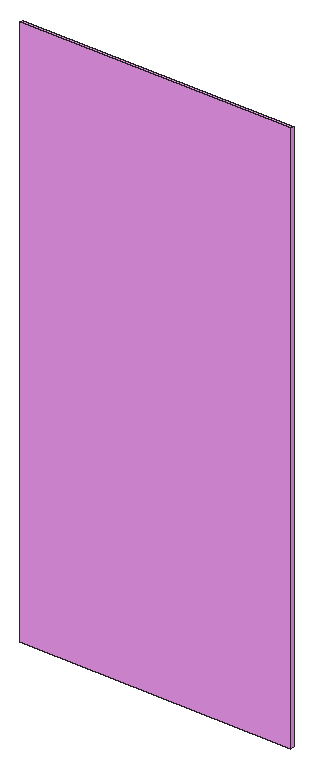
Revit family "EXP_WT-1A_CPan-028", category Curtain Panels, Revit 2021
Family settings
  OmniClass Number = 23.25.20.14.11.11.17
  OmniClass Title = Infill Panels
  Always vertical = Yes
  Cut with Voids When Loaded = No
  Shared = No
Parameters
  UI-UnitNumber [instance] = "001"
  UI-Quadrant [instance] = "SE"
  UI-ProjectAbbreviation = "NEU"
  UI-ItemCategory = "PID"
  UI-FloorNumber [instance] = "03"
  PNT-WallType = "WT1A"
  PNT-ProjectAbbreviation = "NEU"
  PNT-PanelType [instance] = "01"
  PNT-ItemCategory = "PNL"
  GlassSPH [instance] = 0' - 1 1/8"
  GlassH1 [instance] = IG-3F(Glass)
  Define Thermal Properties by = Schematic Type
  CellSp = 0' - 10 3/16"
  CellL [instance] = 7' - 10"
  CellH1 [instance] = CellH  # 15' - 11 1/2"
  CellH [instance] = 15' - 11 1/2"
  Analytic Construction = "<None>"
Reference planes (in)
  plane 1 "Center (Front/Back)": y = 0
  plane 2: z = 0
  plane 3 "Center (Left/Right)": x = 0
  plane 4 "Left": x = -47
  plane 5 "Right": x = 47
  plane 6 "Top": z = 191.5
  plane 7: y = -10.1875
Forms (in)
  Extrusion 1, solid, material "IG-3F(Glass)" <- "GlassH1", detail levels coarse+medium
    sketch origin (0, 0, 0) x (0, 1, 0) y (0, 0, 1)
      loop
        line (0, 191.5) -> (-10.1875, 191.5) -> (-10.1875, 0) -> (0, 0) -> (0, 191.5)
    from -47 to 47
Text (in)
  text "Exterior" at (-92.59733, 55.75508, 0), in view "Ref. Level"
  text "Exterior" at (0, 90.18664, 173.49264), in view "Left"
  text "Exterior" at (0, 52.29083, 162.21847), in view "Right"
Dimensions and locks (in)
  "CellL": plane 4 "Left" to plane 5 "Right"
  equal spacing: plane 4 "Left", plane 3 "Center (Left/Right)", plane 5 "Right"
  "CellH": plane 2 to plane 6 "Top"
  "CellSp": plane 7 to plane 1 "Center (Front/Back)"
  aligned and locked: level to plane 2
  aligned and locked: Extrusion 1 sketch curve to level
  aligned and locked: Extrusion 1 sketch curve to plane 7
  aligned and locked: Extrusion 1 to plane 5 "Right"
  aligned and locked: plane 4 "Left" to Extrusion 1
  aligned and locked: Extrusion 1 to plane 6 "Top"
  aligned and locked: plane 5 "Right" to nested 1
  aligned and locked: Extrusion 1 to level
  aligned and locked: nested 1 to plane 6 "Top"
  aligned and locked: plane 4 "Left" to nested 1
  aligned and locked: plane 5 "Right" to Extrusion 1
  aligned and locked: nested 1 to plane 7
  aligned and locked: plane 7 to nested 2
  aligned and locked: nested 2 to plane 6 "Top"
  aligned and locked: plane 2 to nested 2
  aligned and locked: nested 2 to plane 4 "Left"
  aligned and locked: nested 2 to plane 5 "Right"
Automatic sketch dimensions
  Extrusion 1 sketch curve to plane 1 "Center (Front/Back)" = 0' - 0"
  level to Extrusion 1 sketch curve = 15' - 11 1/2"
Nested families (in)
  nested 1: "EXP_xx_DetO-002" at (0, -10.1875, 0), CellH <- "CellH", CellL <- "CellL", type "EXP_xx_DetO-002", detail levels coarse
    with CellL 7' - 10", CellH 15' - 11 1/2"
  nested 2: "EXP_WT-1x_IG-001" at (0, -10.1875, 95.75) x (-1, 0, 0) z (0, 0, 1), MaterialGlass <- "GlassH1", GlassSP <- "GlassSPH", type "GlassSP = H", detail levels fine
    with MaterialGlass IG-3F(Glass), GlassSP 0' - 1 1/8", GlassL 7' - 8.12549", GlassH 15' - 8.62598", CellL 7' - 10", CellH 15' - 11 1/2"
Definition of nested family "EXP_WT-1x_IG-001"
  Parameters (values of type "H2 _ GlassSP = 1 1/4"")
    MaterialGlass [instance] = none
    GlassSP [instance] = 0' - 1 1/4"
    GlassL [instance] = CellL - (GlassD1 + GlassD3)  # 3' - 10.94439"
    GlassH [instance] = CellH - (GlassD2 + GlassD4)  # 6' - 6.64788"
    GlassD4 = 0' - 1.43701"
    GlassD3 = 0' - 0.93701"
    GlassD2 = 0' - 0 1/2"
    GlassD1 = 0' - 0 15/16"
    GMPI-ProjectAbbreviation = "NEU"
    GMPI-IteamCategory = "GLS"
    Default Elevation = 0' - 0"
    CellL [instance] = 4' - 0.8189"
    CellH [instance] = 6' - 8.58489"
  Types (12): name | GlassSP | GlassL | GlassH | GlassD4 | GlassD2 | GlassD1
    H2(x2) _ GlassSP = 2 1/8" | 0' - 2.12598" | 3' - 10.94488" | 6' - 6.64788" | 0' - 1.43701" | 0' - 0 1/2" | 0' - 0.93701"
    H1 _ GlassSP = 1 1/4" | 0' - 1 1/4" | 3' - 10.94439" | 6' - 6.89739" | 0' - 0 1/4" | 0' - 1 7/16" | 0' - 0 15/16"
    H2(x3) _ GlassSP = 2 1/8" | 0' - 2.12598" | 3' - 10.94488" | 6' - 7.83489" | 0' - 0 1/4" | 0' - 0 1/2" | 0' - 0.93701"
    H3 _ GlassSP = 1 1/4" | 0' - 1 1/4" | 3' - 10.94439" | 6' - 6.64788" | 0' - 1.43701" | 0' - 0 1/2" | 0' - 0 15/16"
    H _ GlassSP = 2 1/8" | 0' - 2.12598" | 3' - 10.94488" | 6' - 5.71088" | 0' - 1.43701" | 0' - 1.43701" | 0' - 0.93701"
    H _ GlassSP = 1 1/4" | 0' - 1 1/4" | 3' - 10.94439" | 6' - 5.71088" | 0' - 1.43701" | 0' - 1.43701" | 0' - 0 15/16"
    H2 _ GlassSP = 1 1/4" | 0' - 1 1/4" | 3' - 10.94439" | 6' - 6.64788" | 0' - 1.43701" | 0' - 0 1/2" | 0' - 0 15/16"
    GlassSP = H | 0' - 1 1/4" | 3' - 10.94439" | 6' - 5.71088" | 0' - 1.43701" | 0' - 1.43701" | 0' - 0 15/16"
    GlassSP = H3 | 0' - 1 1/4" | 3' - 10.94439" | 6' - 6.64788" | 0' - 1.43701" | 0' - 0 1/2" | 0' - 0 15/16"
    GlassSP = H2(x3) | 0' - 2.12598" | 3' - 10.94488" | 6' - 7.83489" | 0' - 0 1/4" | 0' - 0 1/2" | 0' - 0.93701"
    GlassSP = H2(x2) | 0' - 2.12598" | 3' - 10.94488" | 6' - 6.64788" | 0' - 1.43701" | 0' - 0 1/2" | 0' - 0.93701"
    GlassSP = H1 | 0' - 1 1/4" | 3' - 10.94439" | 6' - 6.89739" | 0' - 0 1/4" | 0' - 1 7/16" | 0' - 0 15/16"
  Reference planes (in)
    plane 1 "Center (Front/Back)": y = 0
    plane 2: z = 0
    plane 3 "Center (Left/Right)": x = 0
    plane 4: x = -24.40945
    plane 5: x = 24.40945
    plane 6: z = 40.29245
    plane 7: x = -23.47195
    plane 8: x = 23.47244
    plane 9: z = -40.29245
    plane 10: z = 39.79245
    plane 11: z = -38.85544
  Forms (in)
    Extrusion 1, solid, material <- "MaterialGlass"
      sketch origin (0, 0, 0) x (1, 0, 0) y (0, 0, 1)
        loop
          line (-23.47195, -38.85544) -> (23.47244, -38.85544) -> (23.47244, 39.79245) -> (-23.47195, 39.79245) -> (-23.47195, -38.85544)
      from 0 to 1.25 <- "GlassSP"
  Dimensions and locks (in)
    equal spacing: plane 6, level, plane 9
    "CellH": plane 6 to plane 9
    "GlassD2": plane 6 to plane 10
    "GlassD4": plane 11 to plane 9
    equal spacing: plane 4, plane 3 "Center (Left/Right)", plane 5
    "CellL": plane 4 to plane 5
    "GlassD1": plane 4 to plane 7
    "GlassD3": plane 5 to plane 8
    aligned and locked: level to plane 2
    aligned and locked: Extrusion 1 sketch curve to plane 11
    aligned and locked: Extrusion 1 sketch curve to plane 7
    aligned and locked: plane 10 to Extrusion 1 sketch curve
    aligned and locked: plane 8 to Extrusion 1 sketch curve
Definition of nested family "EXP_xx_DetO-002"
  Parameters (values of type "EXP_xx_DetO-002")
    Default Elevation = 0' - 0"
    CellL [instance] = 5' - 4.56693"
    CellH [instance] = 5' - 2.99213"
  Reference planes (in)
    plane 1 "Center (Front/Back)": y = 0
    plane 2: z = 0
    plane 3 "Center (Left/Right)": x = 0
    plane 4: x = -32.28346
    plane 5: x = 32.28346
    plane 6: z = 62.99213
  Lines and regions (in)
    model lines
      curve 1: line (-32.28346, 0, 62.99213) -> (32.28346, 0, 0)
      curve 2: line (32.28346, 0, 62.99213) -> (-32.28346, 0, 0)
  Dimensions and locks (in)
    "CellH": plane 6 to level
    equal spacing: plane 4, plane 3 "Center (Left/Right)", plane 5
    "CellL": plane 4 to plane 5
    aligned and locked: level to plane 2
  Automatic sketch dimensions
    curve 2 to level = 0' - 0"
    plane 4 to curve 2 = 0' - 0"
    plane 4 to curve 1 = 0' - 0"
    plane 5 to curve 2 = 0' - 0"
    curve 1 to level = 0' - 0"
    plane 5 to curve 1 = 0' - 0"
    curve 2 to plane 6 = 0' - 0"
    curve 1 to plane 6 = 0' - 0"
